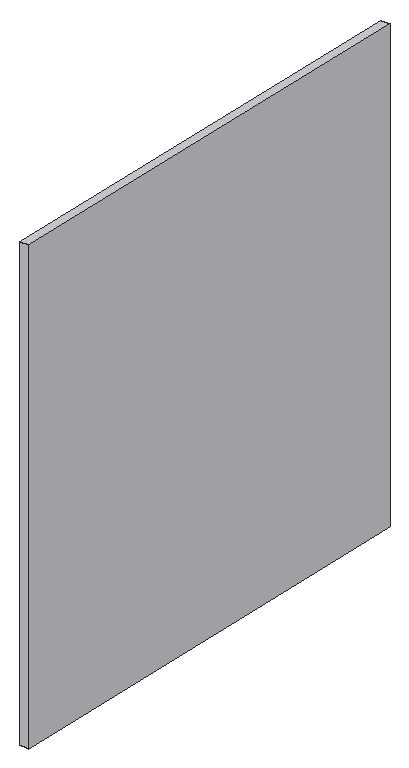
Revit family "M_União retangular", category Conexões de duto, Revit 2019
Family settings
  Cota do conector redondo = Utilizar diâmetro
  Tipo de parte = União
  Número OmniClass = 23.75.70.14
  Título OmniClass = Air Ductwork
  ID de item do Seek = Rectangular Union-0000-CAN-ENU
  Com base no plano de trabalho = Não
  Sempre na vertical = Sim
  Corte com vazios quando carregada = Não
  Compartilhado = Não
Parameters (values of type "Padrão")
  Largura do duto [instance] = 300 mm
  Comprimento do duto [instance] = 6 mm
  Altura do duto [instance] = 300 mm
Reference planes
  plane 1 "Centro (Frente/Trás)": y = 0
  plane 2: z = 0
  plane 3 "Centro (Esquerda/Direita)": x = 0
  plane 4: x = -3
  plane 5: x = 3
Forms (mm)
  Extrusion 1, solid, detail levels medium+fine
    sketch origin (0, 0, 0) x (0, 1, 0) y (0, 0, 1)
      loop
        line (150, -150) -> (150, 150) -> (-150, 150) -> (-150, -150) -> (150, -150)
    from -3 to 3
Lines and regions (mm)
  model lines, style "DuctFitting", detail levels coarse
    curve 1: line (-3, 0, 0) -> (3, 0, 0)
Dimensions and locks
  equal spacing: plane 4, plane 3 "Centro (Esquerda/Direita)", plane 5
  "Comprimento do duto": plane 4 to plane 5
  equal spacing: Extrusion 1 sketch curve, plane 1 "Centro (Frente/Trás)", Extrusion 1 sketch curve
  equal spacing: Extrusion 1 sketch curve, level, Extrusion 1 sketch curve
  "Largura do duto": Extrusion 1 sketch curve to Extrusion 1 sketch curve
  "Altura do duto": Extrusion 1 sketch curve to Extrusion 1 sketch curve
  aligned and locked: Extrusion 1 to plane 4
  aligned and locked: plane 5 to Extrusion 1
  aligned and locked: curve 1 to Extrusion 1
  aligned and locked: connector elem to curve 1
Automatic sketch dimensions
  curve 1 to plane 5 = 0 mm
Connectors
  hvac at (-3, 0, 0), driven by "Altura do duto", driven by "Largura do duto"
    settings: on Extrusion 1, index 0, duct flow 0.0 L/s, flow factor 0, pres drop 0.0 Pa, loss coef 0, conn angle 0.00°, conn width 300 mm, conn height 300 mm, conn diameter 609.6 mm, duct sys type 28, conn prof type 1, flow config 0, flow direction 0, loss method 0, conn ref index 1, conn util no, is conn primary yes, conn desc ""
  hvac at (3, 0, 0), driven by "Altura do duto", driven by "Largura do duto"
    settings: on Extrusion 1, index 1, duct flow 0.0 L/s, flow factor 0, pres drop 0.0 Pa, loss coef 0, conn angle 0.00°, conn width 300 mm, conn height 300 mm, conn diameter 609.6 mm, duct sys type 28, conn prof type 1, flow config 0, flow direction 0, loss method 0, conn ref index 0, conn util no, is conn primary no, conn desc ""
